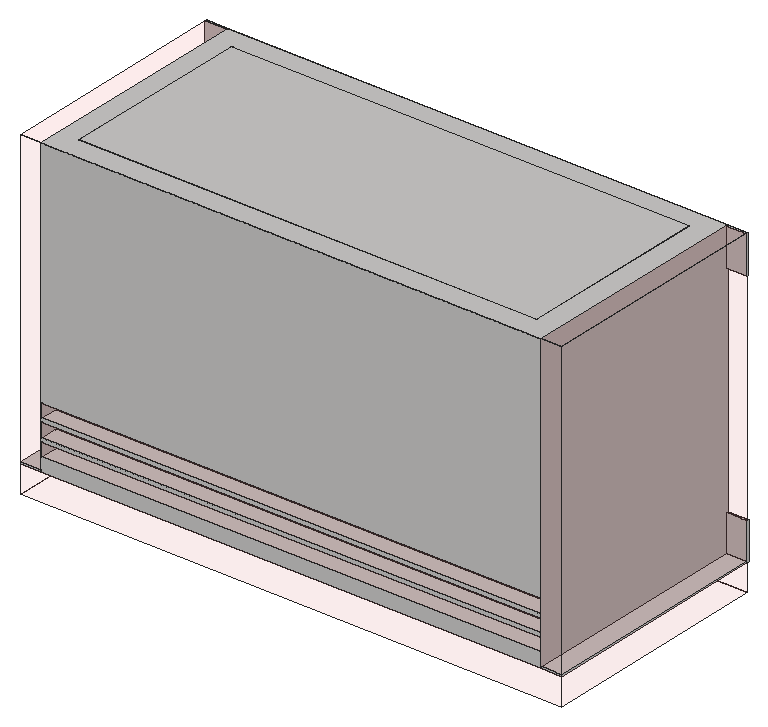
Revit family "Air-Curtain_Industrial_PoweredAire_Unheated", category Mechanical Equipment, host Face, Revit 2018
Family settings
  Host = Face
  Round Connector Dimension = Use Diameter
  Part Type = Normal
  OmniClass Number = 23.75.35.17.21
  OmniClass Title = Air Curtains
  Cut with Voids When Loaded = No
  Shared = No
  Room Calculation Point = No
Parameters
  topbrackets [instance] = and(Unit Height = 1' 4 3/4", Unit Depth = 1' 9 1/4")  # yes
  Warranty Duration (Years) = 0
  Unit Width Notes = "Other Widths available."  # constant formula
  Unit Width = 3' - 3"
  Unit Weight = 0
  Unit Height = 1' - 4 3/4"
  Unit Depth = 1' - 9 1/4"
  URL = "http://www.poweredaire.com/"
  Test Data = ""
  Standards Conformance = "as Specified"
  Specification = "http://www.arcat.com/sdspecs/htm04/23_34_33pai.htm"
  SpecWizard = ""
  Sound Pressure = "as Specified"
  Sales Information = "http://www.poweredaire.com/contact_us"
  Revision = "R1_2016-08"
  Projection from Host [instance] = 0' - 2"
  Product Properties = ""
  Product Data = "http://www.arcat.com/arcatcos/cos47/arc47623.html"
  Power Rating = 0 W
  Nozzle Width = if(1 = 1, Unit Width - 0' 3", 0' 0")  # 3' - 0"
  Mounting Width = if(1 = 1, Unit Width - 0' 1 1/2", 0' 0")  # 3' - 1 1/2"
  Mounting Height [instance] = 3' - 6"
  Motor RPM = 0
  Motor HP = 0
  Motor Count = 0
  Model = "As Specified"
  Max Height = 0' - 0"
  Manufacturer Website = "http://www.poweredaire.com/"
  Manufacturer Phone - Toll Free = "888-321-2473"
  Manufacturer Phone = "724-588-3305"
  Manufacturer Fax = "724-588-3371"
  Manufacturer Address = "109 Mortensen Rd.  Greenville, PA 16125"
  Manufacturer = "Powered Aire, Inc"
  Maintenance Schedule (Months) = 0
  Keynote = "23 34 33"
  Installation-Fabrication = ""
  Installation Phase = ""
  Include Clearance [instance] = yes
  Heating Element Load = 0 W
  HVAC_Temperature Rise = 0 °F
  HVAC_Outlet Volume = 0 CFM
  HVAC_Outlet Velocity Uniformity = 0
  HVAC_Outlet Velocity = 0 FPM
  Green Building-LEED = "http://www.arcat.com/green/clients/leed_data_47623.html"
  Front Grating Material [instance] = Metal - Steel - PoweredAire - Stainless 304 Perforated
  Frame Finish [instance] = Metal - Steel - PoweredAire - Stainless 304
  Expected Lifespan (Years) = 0
  Electrical_Wattage [instance] = Power Rating + Heating Element Load  # 0 W
  Electrical_Voltage [instance] = 0 V
  Electrical_Phase [instance] = 1
  Electrical_Frequency [instance] = 0 Hz
  Electrical_Amperage [instance] = 0 A
  Drawn By = "Sumex Design, Inc. / Robert S. Weygant, CSI, CDT, SCIP"
  Description = "Powered Aire Air Curtain as Specified"
  Default Elevation = 0' - 0"  # constant formula
  Copyright = "©Arcat Inc."
  Construction Details = "http://www.arcat.com/details/powair/prod3336.html"
  Clearance_Top [instance] = 0' - 0"
  Clearance_Side B [instance] = 0' - 0"
  Clearance_Side A [instance] = 0' - 0"
  Clearance_Intake [instance] = 0' - 0"
  Clearance_Bottom [instance] = 0' - 0"
  Clearance Material [instance] = ARCAT Clearance
  Building Codes = ""
  Available Options [instance] = "as Specified"
  Assembly Code = "D3090400"
Reference planes (in)
  plane 1 "Center (Elevation)": y = 8.51318
  plane 2: z = 0
  plane 3 "Center (Left/Right)": x = 0
  plane 4: y = 16.88818
  plane 5 "BoC": y = 0.13818
  plane 6: x = -19.5
  plane 7: x = 19.5
  plane 8: z = 23.25
  plane 9 "FF": y = -41.86182
  plane 10: z = 2
  plane 11: x = 18
  plane 12: x = -18
  plane 13: y = 16.88818
  plane 14: y = 0.13818
  plane 15: x = -19.5
  plane 16: x = 19.5
  plane 17: z = 23.25
  plane 18: y = 0.13818
  plane 19: x = 17.9375
  plane 20: x = -17.9375
Forms (in)
  Extrusion 1, solid, material "ARCAT Clearance" <- "Clearance Material", visible <- "Include Clearance"
    sketch origin (0, 0, 0) x (0, 1, 0) y (0, 0, 1)
      loop
        line (0.13818, 23.25) -> (0.13818, 0) -> (16.88818, 0) -> (16.88818, 23.25) -> (0.13818, 23.25)
    from -19.5 to 19.5
  Extrusion 2, solid, material "Metal - Steel - PoweredAire - Stainless 304" <- "Frame Finish"
    sketch origin (0, 8.51318, 0) x (1, 0, 0) y (0, 0, 1)
      loop
        line (18, 23.25) -> (-18, 23.25) -> (-18, 2) -> (18, 2) -> (18, 23.25)
    from -8.375 to 8.375
  Extrusion 3, void
    sketch origin (0, 0, 0) x (0, 1, 0) y (0, 0, 1)
      loop
        line (0.13818, 4) -> (0.13818, 3) -> (1.63818, 3) -> (1.63818, 6.5) -> (0.13818, 6.5) -> (0.13818, 5.5) -> (1.38818, 5.5) -> (1.38818, 5.25) -> (0.13818, 5.25) -> (0.13818, 4.25) -> (1.38818, 4.25) -> (1.38818, 4) -> (0.13818, 4)
    from -17.9375 to 17.9375
  Extrusion 4, solid, material "Metal - Steel - PoweredAire - Stainless 304" <- "Frame Finish"
    sketch origin (-15.17702, -180, 2) x (-1, 0, 0) y (0, -1, 0)
      loop
        line (-33.17702, -196.88818) -> (-33.17702, -180.13818) -> (-34.67702, -180.13818) -> (-34.67702, -196.88818) -> (-33.17702, -196.88818)
      loop
        line (2.82298, -196.88818) -> (4.32298, -196.88818) -> (4.32298, -180.13818) -> (2.82298, -180.13818) -> (2.82298, -196.88818)
    from 0 to 0.125
  Extrusion 5, solid, material "Metal - Steel - PoweredAire - Stainless 304" <- "Frame Finish", visible <- "topbrackets"
    sketch origin (-11.83813, 16.88818, 48) x (-1, 0, 0) y (0, 0, 1)
      loop
        line (7.66187, -46) -> (7.66187, -43.25) -> (6.16187, -43.25) -> (6.16187, -46) -> (7.66187, -46)
      loop
        line (-31.33813, -46) -> (-29.83813, -46) -> (-29.83813, -43.25) -> (-31.33813, -43.25) -> (-31.33813, -46)
      loop
        line (7.66187, -27.5) -> (7.66187, -24.75) -> (6.16187, -24.75) -> (6.16187, -27.5) -> (7.66187, -27.5)
      loop
        line (-31.33813, -27.5) -> (-29.83813, -27.5) -> (-29.83813, -24.75) -> (-31.33813, -24.75) -> (-31.33813, -27.5)
    from 0 to -0.125
  Extrusion 6, solid, material "Metal - Steel - PoweredAire - Stainless 304 Perforated" <- "Front Grating Material"
    sketch origin (18, 8.51318, 23.25) x (-1, 0, 0) y (0, -1, 0)
      loop
        line (1.5, -6.875) -> (34.5, -6.875) -> (34.5, 6.875) -> (1.5, 6.875) -> (1.5, -6.875)
    from 0 to 0.03125
Cuts and joins
  Extrusion 3 cuts Extrusion 2
Dimensions and locks (in)
  equal spacing: plane 4, plane 1 "Center (Elevation)", plane 5 "BoC"
  "Unit Height": plane 4 to plane 5 "BoC"
  equal spacing: plane 6, plane 3 "Center (Left/Right)", plane 7
  "Unit Width": plane 6 to plane 7
  "Mounting Height": plane 5 "BoC" to plane 9 "FF"
  "Projection from Host": plane 10 to level
  "Unit Depth": plane 8 to plane 10
  locked: plane 6 to plane 12 at 1.5
  locked: plane 11 to plane 7 at 1.5
  "Clearance_Side A": plane 7 to plane 16
  "Clearance_Side B": plane 15 to plane 6
  "Clearance_Top": plane 13 to plane 4
  "Clearance_Bottom": plane 5 "BoC" to plane 14
  "Clearance_Intake": plane 17 to plane 8
  locked: plane 7 to Extrusion 2 sketch curve at 1.5
  locked: Extrusion 2 sketch curve to plane 6 at 1.5
  locked: plane 18 to plane 5 "BoC" at 0
  Extrusion 5 sketch curve to Extrusion 5 sketch curve to plane 10 = 0' - 2 3/4" locked, 0' - 0" locked  (x2)
  locked: plane 12 to Extrusion 6 sketch curve at 1.5
  locked: Extrusion 6 sketch curve to plane 11 at 1.5
  locked: Extrusion 6 sketch curve to plane 5 "BoC" at 1.5
  locked: plane 20 to plane 12 at 0.0625
  locked: plane 11 to plane 19 at 0.0625
  Extrusion 3 sketch curve to Extrusion 3 sketch curve to Extrusion 3 sketch curve to Extrusion 3 sketch curve to Extrusion 3 sketch curve to Extrusion 3 sketch curve to plane 10 = 0' - 1" locked, 0' - 0 1/4" locked, 0' - 1" locked, 0' - 0 1/4" locked, 0' - 1" locked, 0' - 1" locked
  locked: plane 4 to Extrusion 6 sketch curve at 1.5
  locked: Extrusion 5 sketch curve to Extrusion 5 sketch curve at 2.75  (x2)
  aligned and locked: plane 2 to host face
  aligned and locked: level to host face
  aligned and locked: Extrusion 1 sketch curve to plane 17
  aligned and locked: plane 14 to Extrusion 1 sketch curve
  aligned and locked: level to Extrusion 1 sketch curve
  aligned and locked: Extrusion 1 sketch curve to plane 13
  aligned and locked: plane 16 to Extrusion 1
  aligned and locked: Extrusion 1 to plane 15
  aligned and locked: Extrusion 2 to plane 4
  aligned and locked: Extrusion 2 to plane 18
  aligned and locked: Extrusion 4 sketch curve to plane 4  (x2)
  aligned and locked: Extrusion 2 sketch curve to plane 10
  aligned and locked: Extrusion 3 to plane 20
  aligned and locked: plane 19 to Extrusion 3
  aligned and locked: Extrusion 2 sketch curve to plane 8
  aligned and locked: Extrusion 5 sketch curve to plane 8  (x2)
  aligned and locked: plane 18 to Extrusion 4 sketch curve  (x2)
Automatic sketch dimensions
  host sketch curve to host sketch curve = 8' - 0"  (x2)
  Extrusion 4 sketch curve to plane 7 = 0' - 0"
  Extrusion 4 sketch curve to plane 11 = 0' - 0"
  Extrusion 4 sketch curve to plane 12 = 0' - 0"
  Extrusion 4 sketch curve to plane 6 = 0' - 0"
  Extrusion 3 sketch curve to plane 5 "BoC" = 0' - 0"  (x3)
  plane 18 to Extrusion 3 sketch curve = 0' - 1 1/4"
  Extrusion 3 sketch curve to Extrusion 3 sketch curve = 0' - 0"
  Extrusion 3 sketch curve to Extrusion 3 sketch curve = 0' - 0 1/4"
  Extrusion 5 sketch curve to plane 7 = 0' - 0"  (x2)
  Extrusion 5 sketch curve to plane 11 = 0' - 0"  (x2)
  Extrusion 5 sketch curve to plane 12 = 0' - 0"  (x2)
  Extrusion 5 sketch curve to plane 6 = 0' - 0"  (x2)
Connectors (in)
  electrical at (-18, 8.51318, 12.625), driven by "Electrical_Voltage", driven by "Electrical_Phase"
    settings: on cut or joined group of Extrusion 2, Extrusion 3, index 1, voltage 0 V, apparent load 0 VA, apparent load phase1 0 VA, apparent load phase2 0 VA, apparent load phase3 0 VA, power factor 1, load classification "Other", number of poles 1, system type 31, power factor state 1, is connector primary yes, connector utility no, sub classification motor no, connector description ""
